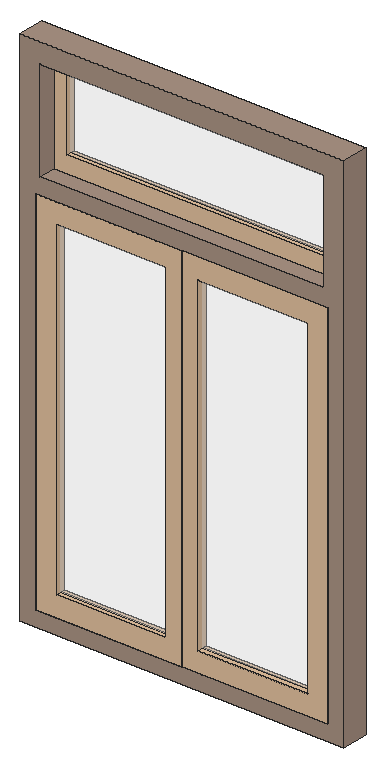
Revit family
Parameters (values of type "1200x1500 mm")
  Ventilator Height = 450 mm
  Top Rail = 60 mm
  Stile = 60 mm
  Material of Shutter = Shutter Material
  Material of Panel = Glass (2)
  Height = 1500 mm
  Frame Width = 75 mm
  Frame Depth = 100 mm
  Material of Frame = Frame Material
  Default Sill Height = 800 mm
  Wall Closure = (empty or 0)
  Width = 1200 mm
  Bottom Rail = 60 mm
  Assembly Code = ""
Types (3, lengths in mm): name | Frame Width | Width
  1500x1500 mm | 60 | 1500
  1200x1500 mm | 75 | 1200
  1800x1500 mm | 60 | 1800
Reference planes
  plane 1: y = 0
  plane 2 "Center (Left/Right)": x = 0
  plane 3 "Left": x = -600
  plane 4 "Right": x = 600
  plane 5 "Sill": z = 800
  plane 6 "Head": z = 2300
  plane 7 "Exterior": y = 80
  plane 8 "Interior": y = -70
  plane 9: x = -525
  plane 10: x = 525
  plane 11: y = 50
  plane 12: y = -50
  plane 13: z = 2225
  plane 14: z = 875
  plane 15: x = -465
  plane 16: x = 465
  plane 17: z = 2165
  plane 18: z = 935
  plane 19: x = -60
  plane 20: x = 60
  plane 21: z = 1550
  plane 22: z = 2750
Forms (mm)
  Sweep 1, solid, material "Frame Material"
    path origin (0, 0, 0) x (1, 0, 0) y (0, 0, 1)
      loop
        line (-600, 800) -> (600, 800) -> (600, 2300) -> (-600, 2300) -> (-600, 800)
    profile origin (0, 0, 1550) x (-1, 0, 0) y (0, -1, 0)
      loop
        line (600, 50) -> (540, 50) -> (540, 15) -> (525, 15) -> (525, -50) -> (600, -50) -> (600, 50)
  Extrusion 2, solid, material "Shutter Material" <- "Material of Shutter"
    sketch origin (0, -50, 0) x (1, 0, 0) y (0, 0, 1)
      loop
        line (2.5, 860) -> (540, 860) -> (540, 2240) -> (2.5, 2240) -> (2.5, 860)
      loop
        line (-2.5, 860) -> (-2.5, 2240) -> (-540, 2240) -> (-540, 860) -> (-2.5, 860)
      loop
        line (-465, 2165) -> (-465, 935) -> (-60, 935) -> (-60, 2165) -> (-465, 2165)
      loop
        line (60, 2165) -> (60, 935) -> (465, 935) -> (465, 2165) -> (60, 2165)
    from 0 to -35
  Extrusion 3, solid, material "Glass (2)" <- "Material of Panel"
    sketch origin (0, 0, 935) x (0, -1, 0) y (-1, 0, 0)
      loop
        line (30.5, 60) -> (34.5, 60) -> (34.5, 465) -> (30.5, 465) -> (30.5, 60)
      loop
        line (30.5, -60) -> (30.5, -465) -> (34.5, -465) -> (34.5, -60) -> (30.5, -60)
    from 0 to -1230
  Sweep 4, solid, material "Frame Material"
    path origin (0, 0, 0) x (1, 0, 0) y (0, 0, 1)
      loop
        line (-600, 2300) -> (-600, 2750) -> (600, 2750) -> (600, 2300)
    profile origin (0, 0, 2525) x (-1, 0, 0) y (0, -1, 0)
      loop
        line (540, -15) -> (540, -50) -> (600, -50) -> (600, 50) -> (525, 50) -> (525, -15) -> (540, -15)
  Extrusion 5, solid, material "Shutter Material" <- "Material of Shutter"
    sketch origin (0, 50, 0) x (1, 0, 0) y (0, 0, 1)
      loop
        line (540, 2300) -> (540, 2690) -> (-540, 2690) -> (-540, 2300) -> (540, 2300)
      loop
        line (480, 2360) -> (480, 2630) -> (-480, 2630) -> (-480, 2360) -> (480, 2360)
    from 0 to 35
  Extrusion 6, solid, material "Glass (2)" <- "Material of Panel"
    sketch origin (0, 0, 0) x (1, 0, 0) y (0, 0, 1)
      loop
        line (-480, 2630) -> (-480, 2360) -> (480, 2360) -> (480, 2630) -> (-480, 2630)
    from -34.712 to -30.712
Cuts and joins
  joined: Sweep 1, Sweep 4
Lines and regions (mm)
  Opening 1
    outline origin (3500, -70, 0) x (1, 0, 0) y (0, 0, 1)
      loop
        line (-2900, 800) -> (-2900, 2300) -> (-2900, 2750) -> (-4100, 2750) -> (-4100, 2300) -> (-4100, 800) -> (-2900, 800)
  symbolic lines, style "Elevation Swing"
    curve 1: line (-2.5, 0, 2240) -> (-540, 0, 1550)
    curve 2: line (-2.5, 0, 860) -> (-540, 0, 1550)
    curve 3: line (2.5, 0, 860) -> (540, 0, 1550)
    curve 4: line (2.5, 0, 2240) -> (540, 0, 1550)
  symbolic lines, style "WindowsFrameMullionProjection", detail levels medium+fine
    curve 5: line (-600, 50, 0) -> (-525, 50, 0)
    curve 6: line (-525, 50, 0) -> (-525, -15, 0)
    curve 7: line (-540, -15, 0) -> (-525, -15, 0)
    curve 8: line (-540, -15, 0) -> (-540, -50, 0)
    curve 9: line (-600, -50, 0) -> (-540, -50, 0)
    curve 10: line (600, 50, 0) -> (525, 50, 0)
    curve 11: line (525, 50, 0) -> (525, -20, 0)
    curve 12: line (525, -15, 0) -> (540, -15, 0)
    curve 13: line (540, -15, 0) -> (540, -50, 0)
    curve 14: line (540, -50, 0) -> (600, -50, 0)
    curve 15: line (600, -50, 0) -> (600, 50, 0)
    curve 16: line (-600, 50, 0) -> (-600, -50, 0)
  symbolic lines, style "Plan Swing"
    curve 17: line (-540, -15, 0) -> (540, -15, 0)
    curve 18: line (-540, -50, 0) -> (540, -50, 0)
    curve 19: line (0, -50, 0) -> (0, -15, 0)
  symbolic lines, style "WindowsFrameMullionProjection", detail levels coarse
    curve 20: line (-540, -50, 0) -> (-600, -50, 0)
    curve 21: line (-540, 50, 0) -> (-540, -50, 0)
    curve 22: line (-600, 50, 0) -> (-540, 50, 0)
    curve 23: line (-600, -50, 0) -> (-600, 50, 0)
    curve 24: line (540, -50, 0) -> (600, -50, 0)
    curve 25: line (540, 50, 0) -> (540, -50, 0)
    curve 26: line (600, 50, 0) -> (540, 50, 0)
    curve 27: line (600, -50, 0) -> (600, 50, 0)
Text (mm)
  text "EXTERIOR" at (-1963.203, 1332.353, 0), in view "Ref. Level"
  text "INTERIOR" at (-1981.466, -818.386, 0), in view "Ref. Level"
  text "Exterior" at (0, 923.751, 2943.296), in view "Right"
  text "Exterior" at (0, 1040.484, 2685.409), in view "Left"
Dimensions and locks
  equal spacing: plane 3 "Left", plane 2 "Center (Left/Right)", plane 4 "Right"
  "Width": plane 3 "Left" to plane 4 "Right"
  "Height": plane 5 "Sill" to plane 6 "Head"
  "Default Sill Height": plane 5 "Sill" to level
  locked: plane 7 "Exterior" to host wall at 0
  locked: plane 8 "Interior" to host wall
  locked: Sweep 1 sketch curve to Sweep 1 sketch curve at 15
  locked: Sweep 1 sketch curve to Sweep 1 sketch curve at 35
  "Frame Width": plane 3 "Left" to plane 9
  "Frame Width": plane 10 to plane 4 "Right"
  equal spacing: plane 12, plane 1, plane 11
  "Frame Depth": plane 12 to plane 11
  "Frame Width": plane 6 "Head" to plane 13
  "Frame Width": plane 14 to plane 5 "Sill"
  "Stile": plane 15 to plane 9
  "Stile": plane 10 to plane 16
  "Stile": plane 2 "Center (Left/Right)" to plane 19
  "Stile": plane 20 to plane 2 "Center (Left/Right)"
  "Top Rail": plane 13 to plane 17
  "Bottom Rail": plane 18 to plane 14
  equal spacing: plane 6 "Head", plane 21, plane 5 "Sill"
  "Ventilator Height": plane 22 to plane 6 "Head"
  locked: Sweep 4 sketch curve to Sweep 4 sketch curve at 15
  locked: Sweep 4 sketch curve to Sweep 4 sketch curve at 35
  locked: Extrusion 5 to Extrusion 6 at 15.712
  locked: Extrusion 6 to Sweep 4 at 15.288
  aligned and locked: host wall to Sweep 1 sketch curve
  aligned and locked: Sweep 1 sketch curve to host wall  (x2)
  aligned and locked: plane 12 to Sweep 1 sketch curve
  aligned and locked: Sweep 1 sketch curve to plane 3 "Left"
  aligned and locked: plane 11 to Sweep 1 sketch curve
  aligned and locked: plane 9 to Sweep 1 sketch curve
  aligned and locked: plane 15 to Extrusion 2 sketch curve
  aligned and locked: plane 17 to Extrusion 2 sketch curve  (x2)
  aligned and locked: plane 18 to Extrusion 2 sketch curve  (x2)
  aligned and locked: Extrusion 2 sketch curve to plane 19
  aligned and locked: plane 20 to Extrusion 2 sketch curve
  aligned and locked: Extrusion 2 sketch curve to plane 16
  aligned and locked: Extrusion 2 to Extrusion 3 sketch curve
  aligned and locked: Extrusion 3 to Extrusion 2  (x2)
  aligned and locked: Extrusion 2 to curve 1
  aligned and locked: curve 1 to Sweep 1
  aligned and locked: curve 2 to Extrusion 2
  aligned and locked: Extrusion 2 to curve 3
  aligned and locked: Sweep 1 to curve 3
  aligned and locked: curve 4 to Extrusion 2
  aligned and locked: curve 5 to Sweep 1  (x2)
  aligned and locked: curve 6 to Sweep 1
  aligned and locked: curve 7 to Sweep 1
  aligned and locked: Sweep 1 to curve 9
  aligned and locked: Sweep 1 to curve 10
  aligned and locked: curve 11 to Sweep 1
  aligned and locked: curve 11 to curve 12
  aligned and locked: Sweep 1 to curve 12
  aligned and locked: Sweep 1 to curve 13
  aligned and locked: curve 15 to Sweep 1
  aligned and locked: Opening 1 sketch curve to plane 3 "Left"
  aligned and locked: plane 22 to Opening 1 sketch curve
  aligned and locked: Sweep 4 sketch curve to host wall  (x3)
  aligned and locked: Extrusion 5 sketch curve to Sweep 4
  aligned and locked: Extrusion 2 to Sweep 1
  aligned and locked: plane 12 to Extrusion 2
  aligned and locked: plane 11 to Sweep 4 sketch curve
  aligned and locked: Sweep 4 sketch curve to Sweep 1  (x3)
  aligned and locked: Extrusion 5 to Extrusion 6 sketch curve
  aligned and locked: Extrusion 6 sketch curve to Extrusion 5  (x3)
  aligned and locked: Extrusion 5 to Sweep 4
  aligned and locked: Extrusion 5 to plane 11
  aligned and locked: curve 7 to curve 17
  aligned and locked: plane 12 to curve 18
  aligned and locked: plane 2 "Center (Left/Right)" to curve 19
  aligned and locked: curve 27 to Sweep 1
Automatic sketch dimensions
  Extrusion 2 sketch curve to plane 9 = 15 mm
  Extrusion 2 sketch curve to plane 2 "Center (Left/Right)" = 2.5 mm
  plane 2 "Center (Left/Right)" to Extrusion 2 sketch curve = 2.5 mm
  plane 10 to Extrusion 2 sketch curve = 15 mm
  plane 14 to Extrusion 2 sketch curve = 15 mm  (x2)
  Extrusion 2 sketch curve to plane 13 = 15 mm
  Extrusion 2 sketch curve to Extrusion 2 sketch curve = 0 mm
  Extrusion 3 sketch curve to plane 20 = 0 mm
  Extrusion 3 sketch curve to plane 16 = 0 mm
  Extrusion 3 sketch curve to plane 19 = 0 mm
  Extrusion 3 sketch curve to plane 12 = 19.5 mm  (x2)
  Extrusion 3 sketch curve to Extrusion 3 sketch curve = 4 mm  (x2)
  curve 2 to plane 21 = 0 mm
  curve 4 to plane 21 = 0 mm
  curve 1 to plane 13 = 15 mm
  curve 4 to curve 1 = 0 mm
  plane 14 to curve 3 = 15 mm
  curve 2 to curve 3 = 0 mm
  Opening 1 sketch curve to plane 4 "Right" = 0 mm
  Opening 1 sketch curve to plane 5 "Sill" = 0 mm
  Opening 1 sketch curve to plane 6 "Head" = 0 mm  (x2)
  Sweep 1 sketch curve to plane 6 "Head" = 0 mm
  Sweep 4 sketch curve to plane 6 "Head" = 0 mm  (x2)
  Extrusion 5 sketch curve to plane 9 = 15 mm
  plane 10 to Extrusion 5 sketch curve = 15 mm
  plane 22 to Extrusion 5 sketch curve = 60 mm
  Extrusion 5 sketch curve to plane 6 "Head" = 60 mm
  Extrusion 5 sketch curve to Extrusion 5 sketch curve = 60 mm  (x3)
  plane 10 to curve 18 = 15 mm
  curve 11 to curve 12 = 5 mm
  plane 1 to curve 7 = 15 mm
